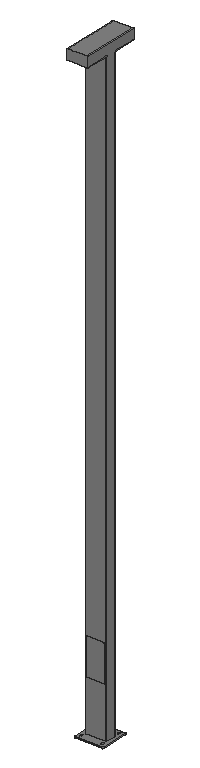
Revit family "Супремус В", category Осветительные приборы, Revit 2019 (continued)
Types (7, lengths in mm): name | Файл фотометрической сетки | built-in parameter 1150105 | Lumens | built-in parameter 1150106 | built-in parameter 1150142 | Wattage | L_общая рассеиватели | ADSK_Фактическая мощность | ADSK_Размер_Высота | ADSK_Номинальная мощность | ADSK_Наименование | ADSK_Масса_Текст | ADSK_Масса | ADSK_Артикул | 2
    269.3 264.3 258.8\r\n 252.6 246.1 239.6 232.8 225.8 218.8 211.7 205.0 198.8 193.2 187.8 182.6 177.2 171.2 165.0 159.0 152.7 147.0 141.3 135.5 130.8\r\n 126.3 121.6 117.0 113.6 110.0 106.0 101.4 96.8 92.0 86.9 81.8 77.0 72.2 67.6 63.3 59.3 55.5 51.9 48.6 45.5 43.0 41.0 39.3 37.7\r\n 36.2 34.8 33.4 32.1 30.8 29.5 28.3 27.2 26.1 24.9 23.6 22.5 21.3 20.1 19.0 18.0 16.9 15.9 15.0 14.0 12.8 11.7 10.9 10.2 9.6 9.0\r\n 8.4 7.8 7.2 6.6 6.2 6.0 5.8 5.3 4.7 4.2 3.7 3.2 2.9 2.7 2.5 2.3 2.1 1.9 1.8 1.7 1.5 1.3 1.2 1.0 1.0 0.0 0.0 0.0 0.0 0.0 0.0 0.0\r\n 0.0 0.0 0.0 0.0 0.0 0.0 0.0 0.0 0.0 0.0 0.0 0.0 0.0 0.0 0.0 0.0 0.0 0.0 0.0 0.0 0.0 0.0 0.0 0.0 0.0 0.0 0.0 0.0 0.0 0.0 0.0 0.0\r\n 0.0 0.0 0.0 0.0 0.0 0.0 0.0 0.0 0.0 0.0 0.0 0.0 0.0 0.0 0.0 0.0 0.0 0.0 0.0 0.0 0.0 0.0 0.0 0.0 0.0 0.0 0.0 0.0 0.0 0.0 0.0 0.0\r\n 0.0 0.0 0.0 0.0 0.0 0.0 0.0 0.0 0.0 0.0 0.0 0.0 0.0 0.0 0.0 0.0 0.0 0.0 0.0 0.0 0.0 0.0 0.0 0.0 0.0 0.0 0.0 0.0 0.0 0.0 0.0 0.0\r\n 0.0 0.0 0.0 0.0 0.0 0.0 0.0 0.0 0.0 0.0 0.0 0.0 0.0 0.0 0.0 0.0 0.0 0.0 0.0 0.0 0.0 0.0 0.0 0.0 0.0 0.0 0.0 0.0 0.0 0.0 0.0 0.0\r\n 0.0 0.0 0.0 0.0 0.0 0.0 0.0 0.0 0.0 0.0 0.0 0.0 0.0 0.0 0.0 0.0 0.0 0.0 0.0 0.0 0.0 0.0 0.0 0.0 0.0\r\n275.6 277.4 279.5 281.4 283.3 285.3 287.6 289.9 292.3 294.7 297.0 299.3 301.4 303.4 305.3 307.0 308.7 310.4 311.9 313.4 314.6\r\n 316.1 317.5 318.7 320.3 321.7 323.3 324.5 325.8 326.8 328.0 328.8 329.9 330.8 331.6 332.5 333.2 333.9 334.5 335.1 335.7 336.6\r\n 337.3 337.8 338.6 339.6 340.5 341.6 342.9 344.1 345.7 347.1 348.4 349.7 350.9 352.2 353.3 354.7 355.7 356.9 358.1 359.5 360.9\r\n 362.4 363.5 364.9 366.1 367.4 368.8 369.7 370.4 371.1 372.1 373.0 374.4 375.3 375.2 375.3 375.4 374.5 373.0 371.0 369.5 368.2\r\n 366.9 365.5 363.6 361.8 360.1 358.5 357.1 355.2 353.4 351.1 349.3 347.1 345.0 342.9 340.8 338.6 336.1 333.2 330.1 326.7 323.2\r\n 318.9 314.3 309.6 304.4 298.8 293.2 287.5 281.8 276.2 271.0 265.7 261.0 256.7 251.9 247.4 242.6 237.2 232.0 226.6 220.7 214.4\r\n 208.2 201.6 195.0 187.8 180.7 173.7 166.6 159.8 152.9 145.8 138.0 129.5 120.7 111.2 101.8 92.6 83.6 75.3 68.1 61.9 55.7 51.0 46.8\r\n 43.5 40.5 37.8 35.7 33.8 32.1 30.5 29.0 27.6 26.2 24.9 23.6 22.4 21.2 20.1 19.1 18.2 17.3 16.5 15.9 15.2 14.2 13.3 12.5 11.8 11.0\r\n 10.1 9.3 8.4 7.7 7.0 6.5 6.2 5.9 5.4 4.7 4.3 3.8 3.3 2.8 2.5 2.3 2.0 1.8 1.7 1.5 1.4 1.3 1.1 0.9 0.9 0.8 0.0 0.0 0.0 0.0 0.0 0.0\r\n 0.0 0.0 0.0 0.0 0.0 0.0 0.0 0.0 0.0 0.0 0.0 0.0 0.0 0.0 0.0 0.0 0.0 0.0 0.0 0.0 0.0 0.0 0.0 0.0 0.0 0.0 0.0 0.0 0.0 0.0 0.0 0.0\r\n 0.0 0.0 0.0 0.0 0.0 0.0 0.0 0.0 0.0 0.0 0.0 0.0 0.0 0.0 0.0 0.0 0.0 0.0 0.0 0.0 0.0 0.0 0.0 0.0 0.0 0.0 0.0 0.0 0.0 0.0 0.0 0.0\r\n 0.0 0.0 0.0 0.0 0.0 0.0 0.0 0.0 0.0 0.0 0.0 0.0 0.0 0.0 0.0 0.0 0.0 0.0 0.0 0.0 0.0 0.0 0.0 0.0 0.0 0.0 0.0 0.0 0.0 0.0 0.0 0.0\r\n 0.0 0.0 0.0 0.0 0.0 0.0 0.0 0.0 0.0 0.0 0.0 0.0 0.0 0.0 0.0 0.0 0.0 0.0 0.0 0.0 0.0 0.0 0.0 0.0 0.0 0.0 0.0 0.0 0.0 0.0 0.0 0.0\r\n 0.0 0.0 0.0 0.0 0.0 0.0 0.0 0.0 0.0 0.0 0.0 0.0 0.0 0.0 0.0 0.0 0.0 0.0 0.0 0.0 0.0 0.0 0.0 0.0 0.0 0.0\r\n275.6 277.4 279.0 280.8 282.6 284.4 286.4 288.3 290.5 292.5 294.6 296.7 298.6 300.6 302.3 303.9 305.5 307.0 308.3 309.7 311.1\r\n 312.4 313.5 314.5 315.6 316.8 318.1 319.4 320.8 321.9 323.2 324.2 325.3 326.3 327.1 327.8 328.4 329.2 330.2 330.9 331.8 332.5\r\n 333.0 333.7 334.3 335.3 336.0 336.9 337.8 339.0 340.2 341.6 343.0 344.5 346.0 347.8 349.5 351.3 353.2 355.0 356.8 358.6 360.5\r\n 362.8 365.0 367.0 369.7 372.1 374.4 376.7 379.0 380.6 382.2 383.8 385.2 387.1 388.5 389.2 390.5 391.4 391.3 390.9 389.9 389.9\r\n 389.9 389.8 389.8 389.8 389.8 390.2 390.2 391.2 392.0 392.7 393.0 392.8 392.5 392.4 392.1 391.7 391.3 391.1 390.2 389.3 387.9\r\n 386.2 384.4 382.2 379.1 375.7 372.2 368.6 364.6 360.5 356.3 352.3 348.5 344.7 340.8 336.9 333.0 328.6 324.0 319.0 313.7 307.3\r\n 300.7 293.7 285.8 277.7 269.5 261.0 251.8 242.1 231.0 219.4 207.8 195.8 183.3 170.4 157.8 145.2 133.3 121.5 109.6 98.5 87.6 77.8\r\n 68.4 60.2 53.3 47.3 42.4 38.8 35.8 33.2 30.7 28.7 27.1 25.8 24.6 23.6 22.9 22.0 21.4 20.9 20.3 19.5 18.6 17.9 16.9 15.7 14.5 13.3\r\n 12.1 11.0 9.8 8.8 7.9 7.1 6.5 5.9 5.4 5.2 4.6 4.2 3.6 3.2 2.7 2.3 1.9 1.7 1.5 1.4 1.3 1.1 1.0 0.9 0.8 0.7 0.6 0.0 0.0 0.0 0.0 0.0\r\n 0.0 0.0 0.0 0.0 0.0 0.0 0.0 0.0 0.0 0.0 0.0 0.0 0.0 0.0 0.0 0.0 0.0 0.0 0.0 0.0 0.0 0.0 0.0 0.0 0.0 0.0 0.0 0.0 0.0 0.0 0.0 0.0\r\n 0.0 0.0 0.0 0.0 0.0 0.0 0.0 0.0 0.0 0.0 0.0 0.0 0.0 0.0 0.0 0.0 0.0 0.0 0.0 0.0 0.0 0.0 0.0 0.0 0.0 0.0 0.0 0.0 0.0 0.0 0.0 0.0\r\n 0.0 0.0 0.0 0.0 0.0 0.0 0.0 0.0 0.0 0.0 0.0 0.0 0.0 0.0 0.0 0.0 0.0 0.0 0.0 0.0 0.0 0.0 0.0 0.0 0.0 0.0 0.0 0.0 0.0 0.0 0.0 0.0\r\n 0.0 0.0 0.0 0.0 0.0 0.0 0.0 0.0 0.0 0.0 0.0 0.0 0.0 0.0 0.0 0.0 0.0 0.0 0.0 0.0 0.0 0.0 0.0 0.0 0.0 0.0 0.0 0.0 0.0 0.0 0.0 0.0\r\n 0.0 0.0 0.0 0.0 0.0 0.0 0.0 0.0 0.0 0.0 0.0 0.0 0.0 0.0 0.0 0.0 0.0 0.0 0.0 0.0 0.0 0.0 0.0 0.0 0.0 0.0 0.0\r\n275.6 277.2 278.7 280.3 281.9 283.4 285.0 287.0 288.7 290.5 292.1 294.0 295.6 297.3 299.0 300.5 301.9 303.2 304.5 305.8 306.9\r\n 308.1 309.0 310.0 311.2 312.1 313.2 314.2 315.4 316.3 317.6 318.6 319.8 320.9 321.8 322.7 323.5 324.4 325.2 325.9 326.8 327.9\r\n 328.8 329.9 330.8 331.5 332.5 333.1 333.8 334.8 335.7 336.9 338.2 339.5 341.0 342.6 344.4 346.1 348.0 350.3 352.4 354.7 357.2\r\n 359.7 362.4 365.0 367.8 370.6 373.6 376.6 379.5 382.0 384.5 386.7 388.8 390.8 393.0 395.0 396.3 398.6 400.6 401.8 402.7 403.8\r\n 404.7 406.3 408.0 409.7 411.5 413.0 414.8 417.1 419.2 421.0 423.0 425.1 427.3 429.1 431.5 433.3 435.0 436.5 437.9 439.2 440.3\r\n 441.0 440.5 439.3 437.6 435.9 433.6 431.5 429.3 426.6 423.7 419.9 415.6 410.8 405.5 399.9 394.4 388.7 382.5 376.1 369.6 363.0\r\n 356.5 349.8 342.5 334.5 326.3 316.7 305.9 294.3 282.0 268.7 254.2 238.5 222.1 205.4 188.2 171.6 156.4 142.2 129.9 118.4 108.2\r\n 97.9 88.4 79.7 71.7 64.7 57.8 50.8 45.8 41.7 38.0 34.8 32.4 30.2 28.4 27.0 25.7 24.7 23.8 22.8 21.7 20.4 19.2 18.2 17.1 15.8 14.3\r\n 12.6 11.3 10.3 9.2 8.2 7.2 6.5 5.8 5.2 4.8 4.5 4.2 3.7 3.1 2.7 2.2 1.8 1.5 1.4 1.3 1.2 1.0 0.9 0.8 0.7 0.6 0.6 0.5 0.0 0.0 0.0\r\n 0.0 0.0 0.0 0.0 0.0 0.0 0.0 0.0 0.0 0.0 0.0 0.0 0.0 0.0 0.0 0.0 0.0 0.0 0.0 0.0 0.0 0.0 0.0 0.0 0.0 0.0 0.0 0.0 0.0 0.0 0.0 0.0\r\n 0.0 0.0 0.0 0.0 0.0 0.0 0.0 0.0 0.0 0.0 0.0 0.0 0.0 0.0 0.0 0.0 0.0 0.0 0.0 0.0 0.0 0.0 0.0 0.0 0.0 0.0 0.0 0.0 0.0 0.0 0.0 0.0\r\n 0.0 0.0 0.0 0.0 0.0 0.0 0.0 0.0 0.0 0.0 0.0 0.0 0.0 0.0 0.0 0.0 0.0 0.0 0.0 0.0 0.0 0.0 0.0 0.0 0.0 0.0 0.0 0.0 0.0 0.0 0.0 0.0\r\n 0.0 0.0 0.0 0.0 0.0 0.0 0.0 0.0 0.0 0.0 0.0 0.0 0.0 0.0 0.0 0.0 0.0 0.0 0.0 0.0 0.0 0.0 0.0 0.0 0.0 0.0 0.0 0.0 0.0 0.0 0.0 0.0\r\n 0.0 0.0 0.0 0.0 0.0 0.0 0.0 0.0 0.0 0.0 0.0 0.0 0.0 0.0 0.0 0.0 0.0 0.0 0.0 0.0 0.0 0.0 0.0 0.0 0.0 0.0 0.0 0.0 0.0\r\n275.6 276.9 278.3 279.7 281.1 282.4 283.8 285.1 286.7 288.2 289.5 290.9 292.4 293.9 295.3 296.7 297.9 299.2 300.0 301.2 302.3\r\n 303.3 304.4 305.5 306.3 307.3 308.4 309.1 310.0 310.7 311.6 312.7 313.7 314.7 315.8 316.8 317.8 318.9 319.9 320.9 321.8 323.1\r\n 324.1 325.3 326.1 327.1 328.1 329.0 330.3 331.4 332.6 333.6 334.8 335.9 337.3 338.6 340.0 341.4 343.0 344.8 346.8 348.6 350.8\r\n 353.2 355.4 358.0 360.6 363.5 366.5 369.9 373.2 376.6 379.9 382.9 385.7 388.4 391.0 393.7 396.3 398.9 401.6 404.0 406.2 408.6\r\n 410.8 412.7 415.5 418.2 420.9 423.8 426.8 430.4 433.8 436.6 439.8 442.8 446.0 449.4 453.0 456.8 460.6 463.8 467.4 470.3 473.3\r\n 475.4 476.4 476.1 475.0 473.4 471.0 468.0 464.4 460.2 455.0 449.3 444.2 440.2 435.9 431.9 427.8 422.5 417.1 411.2 404.8 397.6\r\n 389.4 380.5 371.0 361.4 350.9 339.9 328.0 315.6 301.7 287.4 272.9 257.5 241.8 225.9 210.2 194.3 179.0 164.6 151.6 140.3 131.3\r\n 122.2 113.1 105.9 98.4 90.6 82.7 75.1 67.9 61.0 54.5 48.8 43.8 39.8 35.8 32.4 29.3 26.5 24.4 22.5 20.8 19.2 17.8 16.7 15.7 14.3\r\n 12.9 11.3 10.0 9.1 8.1 7.2 6.5 5.8 5.1 4.5 4.1 3.8 3.4 3.0 2.6 2.2 1.8 1.5 1.3 1.2 1.1 1.0 0.8 0.8 0.7 0.6 0.5 0.5 0.5 0.0 0.0\r\n 0.0 0.0 0.0 0.0 0.0 0.0 0.0 0.0 0.0 0.0 0.0 0.0 0.0 0.0 0.0 0.0 0.0 0.0 0.0 0.0 0.0 0.0 0.0 0.0 0.0 0.0 0.0 0.0 0.0 0.0 0.0 0.0\r\n 0.0 0.0 0.0 0.0 0.0 0.0 0.0 0.0 0.0 0.0 0.0 0.0 0.0 0.0 0.0 0.0 0.0 0.0 0.0 0.0 0.0 0.0 0.0 0.0 0.0 0.0 0.0 0.0 0.0 0.0 0.0 0.0\r\n 0.0 0.0 0.0 0.0 0.0 0.0 0.0 0.0 0.0 0.0 0.0 0.0 0.0 0.0 0.0 0.0 0.0 0.0 0.0 0.0 0.0 0.0 0.0 0.0 0.0 0.0 0.0 0.0 0.0 0.0 0.0 0.0\r\n 0.0 0.0 0.0 0.0 0.0 0.0 0.0 0.0 0.0 0.0 0.0 0.0 0.0 0.0 0.0 0.0 0.0 0.0 0.0 0.0 0.0 0.0 0.0 0.0 0.0 0.0 0.0 0.0 0.0 0.0 0.0 0.0\r\n 0.0 0.0 0.0 0.0 0.0 0.0 0.0 0.0 0.0 0.0 0.0 0.0 0.0 0.0 0.0 0.0 0.0 0.0 0.0 0.0 0.0 0.0 0.0 0.0 0.0 0.0 0.0 0.0 0.0 0.0\r\n275.6 276.8 277.9 279.2 280.4 281.4 282.4 283.6 284.8 286.0 287.0 288.2 289.3 290.5 291.6 292.6 293.7 294.7 295.7 296.6 297.5\r\n 298.4 299.3 300.1 301.0 301.9 302.8 303.5 304.2 305.1 306.0 307.0 308.0 308.8 309.6 310.7 311.5 312.5 313.6 314.7 315.9 317.0\r\n 318.4 319.6 320.9 322.1 323.4 324.8 326.1 327.5 328.9 330.4 331.7 332.9 334.2 335.7 337.0 338.4 339.9 341.3 342.9 344.7 346.5\r\n 348.3 350.2 352.3 354.3 356.5 359.3 362.0 365.0 368.2 371.6 375.1 378.4 381.7 384.7 387.5 390.8 393.9 397.0 399.9 402.8 405.5\r\n 408.2 411.2 414.7 418.5 422.0 425.4 429.6 434.1 438.1 441.8 445.5 449.0 452.7 456.0 459.5 463.1 466.3 469.9 473.0 476.0 479.3\r\n 481.3 482.5 482.3 480.8 479.3 477.9 475.6 472.9 469.4 465.6 461.4 457.4 452.8 447.6 442.7 438.0 433.0 427.9 421.8 414.9 407.1\r\n 399.3 391.2 381.6 371.5 360.2 348.1 334.5 320.6 306.5 292.0 277.6 263.7 249.5 236.1 222.9 210.4 199.3 190.1 182.3 175.5 169.4\r\n 163.4 156.3 148.6 140.2 130.6 120.7 110.5 100.5 90.6 80.2 70.3 62.1 54.0 45.8 40.0 35.3 31.5 28.3 25.5 22.9 20.6 18.3 16.1 14.0\r\n 12.1 10.6 9.4 8.3 7.3 6.4 5.6 4.9 4.4 4.0 3.6 3.3 3.0 2.7 2.3 2.0 1.7 1.4 1.3 1.1 1.0 0.9 0.8 0.7 0.6 0.6 0.5 0.5 0.5 0.5 0.0 0.0\r\n 0.0 0.0 0.0 0.0 0.0 0.0 0.0 0.0 0.0 0.0 0.0 0.0 0.0 0.0 0.0 0.0 0.0 0.0 0.0 0.0 0.0 0.0 0.0 0.0 0.0 0.0 0.0 0.0 0.0 0.0 0.0 0.0\r\n 0.0 0.0 0.0 0.0 0.0 0.0 0.0 0.0 0.0 0.0 0.0 0.0 0.0 0.0 0.0 0.0 0.0 0.0 0.0 0.0 0.0 0.0 0.0 0.0 0.0 0.0 0.0 0.0 0.0 0.0 0.0 0.0\r\n 0.0 0.0 0.0 0.0 0.0 0.0 0.0 0.0 0.0 0.0 0.0 0.0 0.0 0.0 0.0 0.0 0.0 0.0 0.0 0.0 0.0 0.0 0.0 0.0 0.0 0.0 0.0 0.0 0.0 0.0 0.0 0.0\r\n 0.0 0.0 0.0 0.0 0.0 0.0 0.0 0.0 0.0 0.0 0.0 0.0 0.0 0.0 0.0 0.0 0.0 0.0 0.0 0.0 0.0 0.0 0.0 0.0 0.0 0.0 0.0 0.0 0.0 0.0 0.0 0.0\r\n 0.0 0.0 0.0 0.0 0.0 0.0 0.0 0.0 0.0 0.0 0.0 0.0 0.0 0.0 0.0 0.0 0.0 0.0 0.0 0.0 0.0 0.0 0.0 0.0 0.0 0.0 0.0 0.0 0.0 0.0\r\n275.6 276.7 277.6 278.7 279.4 280.4 281.3 282.1 282.8 283.7 284.6 285.2 286.1 287.0 287.7 288.5 289.3 290.0 290.7 291.6 292.2\r\n 293.1 293.9 294.5 295.3 295.9 296.5 297.2 298.1 298.8 299.6 300.5 301.4 302.3 303.5 304.3 305.5 306.4 307.3 308.5 309.4 310.7\r\n 311.7 313.1 314.4 315.8 317.0 318.6 320.1 321.7 323.4 325.2 326.6 328.4 329.8 331.2 332.8 334.1 335.7 337.0 338.7 340.5 342.5\r\n 344.1 346.1 348.3 350.4 352.8 355.1 357.6 360.4 363.5 366.6 369.8 373.1 376.4 379.7 382.7 385.9 388.6 391.5 394.2 396.9 399.8\r\n 403.0 406.8 410.5 414.2 417.3 420.9 425.1 429.1 432.5 435.7 438.7 441.6 444.3 447.3 450.2 453.3 456.1 458.9 461.6 464.3 466.2\r\n 468.1 469.9 470.9 471.8 472.5 473.5 473.6 471.9 468.6 465.7 462.6 458.8 454.9 450.1 445.4 440.5 435.5 430.0 424.7 418.8 412.1\r\n 405.0 396.3 386.4 376.1 365.1 353.7 342.1 329.5 317.0 304.3 291.7 279.7 268.8 259.9 252.0 244.3 236.7 229.6 222.7 216.8 211.3\r\n 205.1 197.0 186.5 176.0 164.4 150.6 136.9 123.1 109.5 98.3 87.9 77.6 66.8 56.8 47.9 40.7 35.2 30.9 27.3 24.3 21.7 19.3 17.1 15.2\r\n 13.4 11.7 10.3 9.0 7.9 6.7 5.6 4.8 4.2 3.7 3.4 3.0 2.7 2.4 2.0 1.7 1.4 1.2 1.0 0.9 0.8 0.7 0.6 0.5 0.5 0.5 0.5 0.4 0.3 0.2 0.1\r\n 0.0 0.0 0.0 0.0 0.0 0.0 0.0 0.0 0.0 0.0 0.0 0.0 0.0 0.0 0.0 0.0 0.0 0.0 0.0 0.0 0.0 0.0 0.0 0.0 0.0 0.0 0.0 0.0 0.0 0.0 0.0 0.0\r\n 0.0 0.0 0.0 0.0 0.0 0.0 0.0 0.0 0.0 0.0 0.0 0.0 0.0 0.0 0.0 0.0 0.0 0.0 0.0 0.0 0.0 0.0 0.0 0.0 0.0 0.0 0.0 0.0 0.0 0.0 0.0 0.0\r\n 0.0 0.0 0.0 0.0 0.0 0.0 0.0 0.0 0.0 0.0 0.0 0.0 0.0 0.0 0.0 0.0 0.0 0.0 0.0 0.0 0.0 0.0 0.0 0.0 0.0 0.0 0.0 0.0 0.0 0.0 0.0 0.0\r\n 0.0 0.0 0.0 0.0 0.0 0.0 0.0 0.0 0.0 0.0 0.0 0.0 0.0 0.0 0.0 0.0 0.0 0.0 0.0 0.0 0.0 0.0 0.0 0.0 0.0 0.0 0.0 0.0 0.0 0.0 0.0 0.0\r\n 0.0 0.0 0.0 0.0 0.0 0.0 0.0 0.0 0.0 0.0 0.0 0.0 0.0 0.0 0.0 0.0 0.0 0.0 0.0 0.0 0.0 0.0 0.0 0.0 0.0 0.0 0.0 0.0 0.0 0.0 0.0\r\n275.6 276.4 277.2 278.0 278.6 279.4 279.9 280.5 281.1 281.5 281.9 282.5 283.0 283.6 284.1 284.5 285.0 285.3 285.8 286.2 286.7\r\n 287.3 287.9 288.4 289.0 289.6 290.0 290.7 291.3 292.0 292.9 293.5 294.2 295.0 296.1 297.0 298.1 299.1 300.1 301.2 302.4 303.6\r\n 304.9 306.3 307.5 309.0 310.5 312.0 313.6 315.2 316.8 318.4 320.0 321.6 323.1 324.8 326.2 327.8 329.3 331.0 332.7 334.2 336.0\r\n 338.2 339.9 342.0 344.1 346.3 348.7 351.1 353.7 356.2 359.2 362.2 365.2 368.4 371.6 374.6 377.5 380.3 382.9 385.9 388.5 391.4\r\n 394.5 397.8 401.6 404.7 407.8 411.4 415.3 418.4 420.9 423.2 425.3 427.8 430.5 433.0 435.8 438.8 441.5 444.4 447.5 449.3 451.0\r\n 452.8 454.1 455.5 455.9 456.3 457.0 457.6 457.7 457.0 455.5 453.4 451.2 448.9 445.9 442.7 438.5 434.1 429.1 424.0 418.0 411.1\r\n 403.6 394.6 385.0 375.1 364.5 353.6 342.4 330.7 320.1 310.4 302.2 295.4 289.6 283.9 278.8 273.1 267.1 260.7 254.5 247.8 240.3\r\n 231.6 221.4 209.2 194.9 178.6 161.7 145.4 130.0 116.3 103.1 89.8 76.2 64.8 53.4 42.0 35.5 30.8 27.1 24.0 21.3 19.1 17.2 15.4 13.8\r\n 12.4 11.2 9.7 8.2 7.1 6.2 5.2 4.5 3.9 3.5 3.0 2.7 2.4 2.0 1.7 1.5 1.3 1.0 0.8 0.7 0.6 0.6 0.6 0.6 0.5 0.5 0.6 0.6 0.6 0.6 0.0 0.0\r\n 0.0 0.0 0.0 0.0 0.0 0.0 0.0 0.0 0.0 0.0 0.0 0.0 0.0 0.0 0.0 0.0 0.0 0.0 0.0 0.0 0.0 0.0 0.0 0.0 0.0 0.0 0.0 0.0 0.0 0.0 0.0 0.0\r\n 0.0 0.0 0.0 0.0 0.0 0.0 0.0 0.0 0.0 0.0 0.0 0.0 0.0 0.0 0.0 0.0 0.0 0.0 0.0 0.0 0.0 0.0 0.0 0.0 0.0 0.0 0.0 0.0 0.0 0.0 0.0 0.0\r\n 0.0 0.0 0.0 0.0 0.0 0.0 0.0 0.0 0.0 0.0 0.0 0.0 0.0 0.0 0.0 0.0 0.0 0.0 0.0 0.0 0.0 0.0 0.0 0.0 0.0 0.0 0.0 0.0 0.0 0.0 0.0 0.0\r\n 0.0 0.0 0.0 0.0 0.0 0.0 0.0 0.0 0.0 0.0 0.0 0.0 0.0 0.0 0.0 0.0 0.0 0.0 0.0 0.0 0.0 0.0 0.0 0.0 0.0 0.0 0.0 0.0 0.0 0.0 0.0 0.0\r\n 0.0 0.0 0.0 0.0 0.0 0.0 0.0 0.0 0.0 0.0 0.0 0.0 0.0 0.0 0.0 0.0 0.0 0.0 0.0 0.0 0.0 0.0 0.0 0.0 0.0 0.0 0.0 0.0 0.0 0.0\r\n275.6 276.3 276.8 277.2 277.8 278.3 278.7 279.1 279.3 279.5 279.8 280.0 280.0 280.4 280.5 280.9 280.9 281.0 281.3 281.3 281.5\r\n 281.7 282.0 282.2 282.5 282.7 283.2 283.6 284.1 284.6 285.2 285.9 286.4 287.1 288.1 288.9 289.8 290.9 291.7 292.6 293.7 294.8\r\n 296.2 297.3 298.6 300.0 301.5 303.1 304.6 306.1 307.7 309.2 310.8 312.2 313.8 315.4 317.0 318.7 320.5 322.1 323.8 325.7 327.3\r\n 329.1 331.1 332.9 334.8 336.9 339.2 341.6 343.9 346.3 348.6 351.1 353.6 356.0 358.3 360.9 363.4 365.7 368.1 370.4 372.9 375.7\r\n 378.5 381.9 385.2 387.0 389.6 392.9 396.0 398.7 401.0 403.1 405.3 407.7 410.7 413.1 416.0 418.8 421.3 423.6 425.8 427.3 428.4\r\n 429.5 430.5 431.3 432.1 433.3 434.9 435.9 436.6 437.2 437.9 438.2 438.7 438.3 437.8 435.9 433.2 430.0 426.7 422.2 416.7 409.9\r\n 403.1 395.6 386.8 377.7 368.4 358.6 349.1 340.8 333.0 326.4 320.8 316.2 311.9 307.1 301.7 296.1 289.8 283.8 277.1 268.7 259.1\r\n 248.0 234.3 217.7 200.0 181.5 162.0 144.1 128.4 112.9 97.3 81.0 64.4 51.1 41.9 34.8 29.5 25.4 22.3 19.8 17.8 16.0 14.4 13.0 11.8\r\n 10.6 9.5 8.4 7.5 6.5 5.5 4.8 4.1 3.6 3.2 2.8 2.5 2.3 2.0 1.6 1.4 1.3 1.0 0.7 0.6 0.6 0.6 0.6 0.6 0.6 0.6 0.6 0.6 0.7 0.7 0.0 0.0\r\n 0.0 0.0 0.0 0.0 0.0 0.0 0.0 0.0 0.0 0.0 0.0 0.0 0.0 0.0 0.0 0.0 0.0 0.0 0.0 0.0 0.0 0.0 0.0 0.0 0.0 0.0 0.0 0.0 0.0 0.0 0.0 0.0\r\n 0.0 0.0 0.0 0.0 0.0 0.0 0.0 0.0 0.0 0.0 0.0 0.0 0.0 0.0 0.0 0.0 0.0 0.0 0.0 0.0 0.0 0.0 0.0 0.0 0.0 0.0 0.0 0.0 0.0 0.0 0.0 0.0\r\n 0.0 0.0 0.0 0.0 0.0 0.0 0.0 0.0 0.0 0.0 0.0 0.0 0.0 0.0 0.0 0.0 0.0 0.0 0.0 0.0 0.0 0.0 0.0 0.0 0.0 0.0 0.0 0.0 0.0 0.0 0.0 0.0\r\n 0.0 0.0 0.0 0.0 0.0 0.0 0.0 0.0 0.0 0.0 0.0 0.0 0.0 0.0 0.0 0.0 0.0 0.0 0.0 0.0 0.0 0.0 0.0 0.0 0.0 0.0 0.0 0.0 0.0 0.0 0.0 0.0\r\n 0.0 0.0 0.0 0.0 0.0 0.0 0.0 0.0 0.0 0.0 0.0 0.0 0.0 0.0 0.0 0.0 0.0 0.0 0.0 0.0 0.0 0.0 0.0 0.0 0.0 0.0 0.0 0.0 0.0 0.0\r\n275.6 276.0 276.4 276.6 276.9 277.2 277.3 277.4 277.5 277.4 277.4 277.3 277.3 277.2 277.1 277.1 276.9 276.9 276.8 276.7 276.7\r\n 276.6 276.5 276.6 276.6 276.6 276.8 276.9 277.2 277.4 277.8 278.1 278.8 279.3 279.8 280.4 281.2 282.0 283.0 284.0 284.8 285.8\r\n 286.6 287.7 289.0 290.1 291.4 292.9 293.9 295.1 296.4 297.6 298.9 300.3 301.6 303.1 304.6 306.0 307.5 309.3 310.9 312.5 314.2\r\n 316.0 317.7 319.5 321.3 323.4 325.4 327.5 329.3 331.5 333.6 335.9 338.1 340.4 342.6 344.
